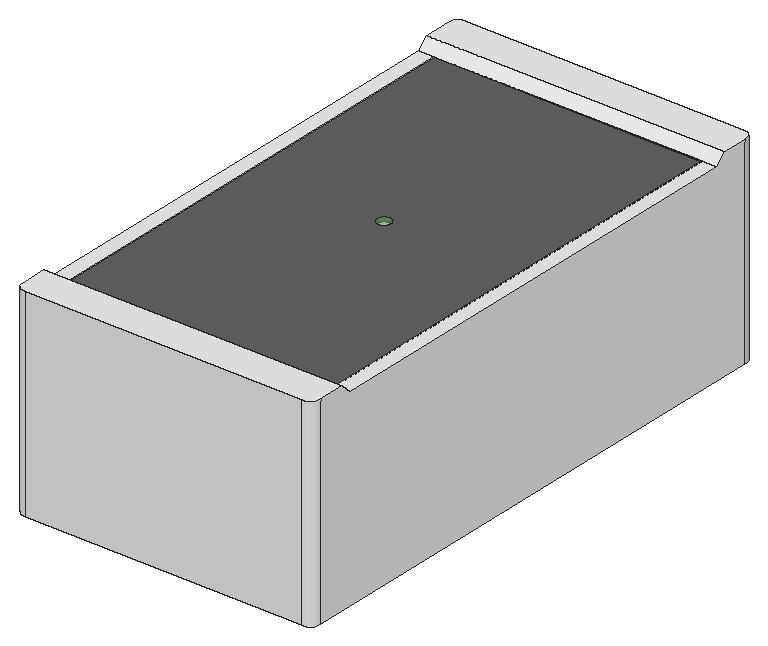
Revit family "Long Range Receiver_WRR-44_Farpointe_R15", category Security Devices, host Face, Revit 2015
Parameters
  Width = 3.4"
  White Plastic [instance] = White Plastic
  URL - Quick Start Guides [instance] = "http://farpointedata.com/downloads/qsg_and_ref/WRR44_RangerReceiver_QSG.pdf"
  URL - Mounting Guides Letter Size [instance] = "N/A"
  URL - Mounting Guides A4 Size [instance] = "N/A"
  URL - Data Sheets [instance] = "http://farpointedata.com/downloads/datasheets/WRR44_TDS.pdf"
  URL - Bid Specifications [instance] = "http://farpointedata.com/downloads/bid_specs/Farpointe_Ranger_Specification.docx"
  URL = "http://www.farpointedata.com/"
  Modeled By [instance] = "www.commensestudio.com"
  Model = "WRR-44 Ranger Long-Range Receiver"  # constant formula
  Manufacturer = "Farpointe Data"  # constant formula
  LED [instance] = LED
  Height = 6.3"
  Description = "Four Channel"  # constant formula
  Depth = 2.3"
  Default Elevation = 48"
  Black Plastic [instance] = Black Plastic
Reference planes (in)
  plane 1 "Center (Front/Back)": y = 0
  plane 2: z = 0
  plane 3 "Center (Left/Right)": x = 0
  plane 4: x = -1.7
  plane 5: x = 1.7
  plane 6: y = 3.15
  plane 7: y = -3.15
  plane 8: z = 2.3
Forms (in)
  Extrusion 1, void
    sketch origin (0, 0, 0) x (1, 0, 0) y (0, 1, 0)
      loop
        circle (0, 0) r 0.07968
    from 1.75 to 2.3
  Extrusion 2, solid, material "LED" <- "LED"
    sketch origin (0, 0, 0) x (1, 0, 0) y (0, 1, 0)
      loop
        circle (0, 0) r 0.07968
    from 2.15 to 2.19281
  Extrusion 3, solid, material "White Plastic" <- "White Plastic"
    sketch origin (0, -1.5, 0.4) x (1, 0, 0) y (0, 1, 0)
      loop
        arc (-1.575, 4.65) -> (-1.66339, 4.61339) -> (-1.7, 4.525) r 0.125
        line (-1.7, 4.525) -> (-1.7, -1.525)
        arc (-1.7, -1.525) -> (-1.66339, -1.61339) -> (-1.575, -1.65) r 0.125
        line (-1.575, -1.65) -> (1.575, -1.65)
        arc (1.575, -1.65) -> (1.66339, -1.61339) -> (1.7, -1.525) r 0.125
        line (1.7, -1.525) -> (1.7, 4.525)
        arc (1.7, 4.525) -> (1.66339, 4.61339) -> (1.575, 4.65) r 0.125
        line (1.575, 4.65) -> (-1.575, 4.65)
    from -0.4 to 1.9
  Extrusion 4, void
    sketch origin (0, -1.5, 0.4) x (0, 1, 0) y (0, 0, 1)
      loop
        line (-1.22641, 1.9) -> (-1.11922, 1.79281) -> (4.11922, 1.79281) -> (4.22641, 1.9) -> (-1.22641, 1.9)
    from -1.7 to 1.7
  Extrusion 5, void
    sketch origin (0, -1.5, 0.4) x (1, 0, 0) y (0, 1, 0)
      loop
        line (-1.525, 4.11922) -> (-1.525, -1.11922) -> (1.525, -1.11922) -> (1.525, 4.11922) -> (-1.525, 4.11922)
      loop
        circle (0, 1.5) r 0.07968
    from 1.75 to 1.79281
  Extrusion 6, solid, material "Black Plastic" <- "Black Plastic"
    sketch origin (0, -1.5, 0.4) x (1, 0, 0) y (0, 1, 0)
      loop
        line (-1.525, -1.11922) -> (1.525, -1.11922) -> (1.525, 4.11922) -> (-1.525, 4.11922) -> (-1.525, -1.11922)
    from 1.75 to 1.79
Cuts and joins
  Extrusion 1, Extrusion 4, Extrusion 5 cuts Extrusion 3
  Extrusion 1, Extrusion 4 cuts Extrusion 6
Dimensions and locks (in)
  equal spacing: plane 7, plane 1 "Center (Front/Back)", plane 6
  equal spacing: plane 4, plane 3 "Center (Left/Right)", plane 5
  "Height": plane 7 to plane 6
  "Width": plane 4 to plane 5
  "Depth": plane 8 to level
  aligned and locked: plane 2 to host face
  aligned and locked: level to host face
Automatic sketch dimensions
  host sketch curve to host sketch curve = 96"  (x2)
  plane 1 "Center (Front/Back)" to Extrusion 1 sketch curve = 0"
  Extrusion 1 sketch curve to plane 3 "Center (Left/Right)" = 0"
  plane 1 "Center (Front/Back)" to Extrusion 2 sketch curve = 0"
  Extrusion 2 sketch curve to plane 3 "Center (Left/Right)" = 0"
  Extrusion 3 sketch curve to plane 4 = 0"
  plane 7 to Extrusion 3 sketch curve = 0"
  plane 6 to Extrusion 3 sketch curve = 0"
  Extrusion 3 sketch curve to plane 5 = 0"
  plane 4 to Extrusion 3 sketch curve = 0.125"  (x2)
  Extrusion 3 sketch curve to plane 5 = 0.125"  (x2)
  Extrusion 4 sketch curve to plane 7 = 0.42359"
  Extrusion 4 sketch curve to Extrusion 4 sketch curve = 0.10719"  (x2)
  Extrusion 4 sketch curve to plane 8 = 0.10719"
  plane 6 to Extrusion 4 sketch curve = 0.53078"
  Extrusion 4 sketch curve to plane 8 = 0"
  Extrusion 6 sketch curve to plane 7 = 0.53078"
  plane 4 to Extrusion 6 sketch curve = 0.175"
  Extrusion 6 sketch curve to plane 5 = 0.175"
  plane 6 to Extrusion 6 sketch curve = 0.53078"
  plane 1 "Center (Front/Back)" to Extrusion 5 sketch curve = 0"
  Extrusion 5 sketch curve to plane 3 "Center (Left/Right)" = 0"
  plane 4 to Extrusion 5 sketch curve = 0.175"
  Extrusion 5 sketch curve to plane 5 = 0.175"
  Extrusion 5 sketch curve to plane 7 = 0.53078"
  plane 6 to Extrusion 5 sketch curve = 0.53078"
  radius of Extrusion 1 sketch curve = 0.07968"
  radius of Extrusion 2 sketch curve = 0.07968"
  radius of Extrusion 5 sketch curve = 0.07968"
Connectors (in)
  electrical at (0, 0, 0)
    settings: index 2, voltage 0 V, apparent load 0 VA, apparent load phase1 0 VA, apparent load phase2 0 VA, apparent load phase3 0 VA, power factor 1, load classification "Other", number of poles 1, system type 10, power factor state 1, is connector primary yes, connector utility no, sub classification motor no, connector description ""
